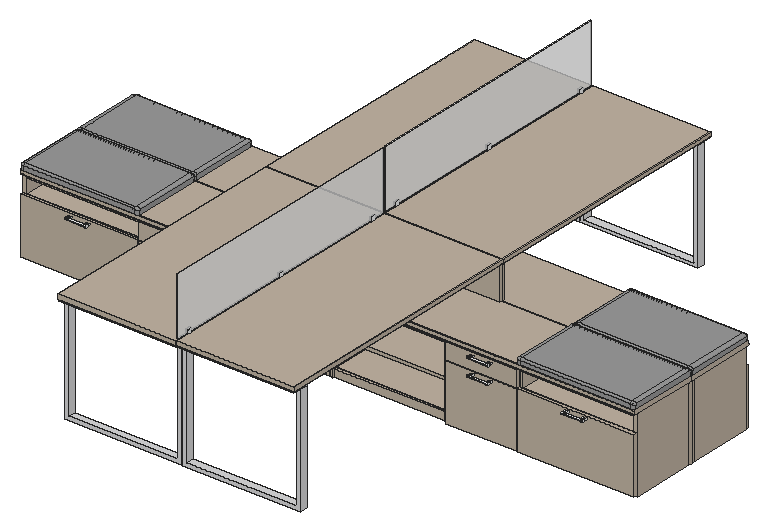
Revit family "JSI-Vision-Typical_Laminate-VST108", category Furniture, Revit 2020 (continued)
Definition of nested family "JSI-Vision-Metal_Rectangular_Base"
  Forms (in)
    Revolve 3, solid, material <- "Glide Finish"
      sketch origin (0, 0, 0) x (0, 1, 0) y (0, 0, 1)
        loop
          line (-1.69761, 0.05748) -> (-1.67738, 0.25) -> (-1.90202, 0.25) -> (-1.90202, 0.75) -> (-2, 0.75)
        axis (-2, 0.75) -> (-2, 0)
      angle from 0 to 360
    Revolve 4, solid, material <- "Glide Finish"
      sketch origin (0, 0, 0) x (0, 1, 0) y (0, 0, 1)
        loop
          line (-27.8125, 0.75) -> (-27.8125, 0) -> (-27.57395, 0)
          arc (-27.57395, 0) -> (-27.531, 0.01649) -> (-27.51011, 0.05748) r 0.06418
          line (-27.51011, 0.05748) -> (-27.48988, 0.25) -> (-27.71452, 0.25) -> (-27.71452, 0.75) -> (-27.8125, 0.75)
        axis (-27.8125, 0.75) -> (-27.8125, 0)
      angle from 0 to 360
  Lines and regions (in)
    symbolic lines
      curve 1: line (-3, 0, 0) -> (-3, -29.8125, 0)
      curve 2: line (-3, -29.8125, 0) -> (1, -29.8125, 0)
      curve 3: line (1, -29.8125, 0) -> (1, 0, 0)
      curve 4: line (1, 0, 0) -> (-3, 0, 0)
      curve 5: line (-1, 0, 0) -> (-1, -29.8125, 0)
  Dimensions and locks (in)
    equal spacing: plane 7, plane 3 "Center Left/Right", plane 9, locked at 1 each
    "Width": plane 1 "Center Front/Back" to plane 8
    "Height": plane 5 to plane 4
    locked: plane 10 to plane 5 at 0.25
    locked: Sweep 1 sketch curve to plane 4 at 0.25
    locked: plane 8 to Sweep 1 sketch curve at 1
    locked: plane 1 "Center Front/Back" to plane 11 at 2
    locked: plane 12 to plane 8 at 2
    Revolve 3 sketch curve to Revolve 3 sketch curve to Revolve 3 sketch curve to plane 4 = 1/2" locked, 0.18582" locked, 0.06418" locked
    plane 11 to Revolve 3 sketch curve to Revolve 3 sketch curve to Revolve 3 sketch curve = 0.09798" locked, 0.14057" locked, 0.08407" locked
    Revolve 4 sketch curve to Revolve 4 sketch curve to Revolve 4 sketch curve = 1/2" locked, 0.18582" locked
    Revolve 4 sketch curve to Revolve 4 sketch curve to Revolve 4 sketch curve to Revolve 4 sketch curve = 0.09798" locked, 0.14057" locked, 0.08407" locked
    "Depth": plane 7 to plane 9
    locked: plane 6 to plane 7 at 2
    aligned and locked: level to plane 2
    aligned and locked: plane 10 to Sweep 1 sketch curve  (x2)
    aligned and locked: plane 9 to Sweep 1 sketch curve
    aligned and locked: plane 8 to Sweep 1 sketch curve
    aligned and locked: Extrusion 2 sketch curve to plane 1 "Center Front/Back"
    aligned and locked: Extrusion 2 sketch curve to plane 8
    aligned and locked: Extrusion 2 sketch curve to plane 9
    aligned and locked: Revolve 3 sketch curve to plane 11
    aligned and locked: plane 11 to Revolve 3 sketch curve
    aligned and locked: plane 12 to Revolve 4 sketch curve  (x2)
    aligned and locked: plane 3 "Center Left/Right" to Revolve 3
    aligned and locked: plane 3 "Center Left/Right" to Revolve 4
    aligned and locked: Sweep 1 sketch curve to plane 7
    aligned and locked: plane 6 to Extrusion 2
    aligned and locked: Extrusion 2 to plane 9
    aligned and locked: curve 1 to Extrusion 2
    aligned and locked: curve 2 to Extrusion 2
    aligned and locked: curve 3 to Extrusion 2
    aligned and locked: curve 4 to Extrusion 2
    aligned and locked: curve 5 to Sweep 1
  Automatic sketch dimensions
    Sweep 1 sketch curve to plane 8 = 0"
    Sweep 1 sketch curve to plane 1 "Center Front/Back" = 0"
    Extrusion 2 sketch curve to plane 8 = 0"
    Revolve 3 sketch curve to level = 0"
    level to Revolve 3 sketch curve = 0.05748"
    Revolve 3 sketch curve to level = 0.22225"
    Revolve 3 sketch curve to Revolve 3 sketch curve = 0.09538"
    Revolve 4 sketch curve to level = 0"
    level to Revolve 4 sketch curve = 0.05748"
    Revolve 4 sketch curve to Revolve 4 sketch curve = 0.06383"
    Revolve 4 sketch curve to level = 0.22225"
    Revolve 4 sketch curve to Revolve 4 sketch curve = 0.09538"
    plane 7 to Extrusion 2 sketch curve = 2"
Definition of nested family "JSI-Vision-Support_Rail_Work_Surface"
  Parameters (values of type "GP0243SB, Metal Support Rail for Work Surface  2W 43 L 3/4H")
    Width = 43"
    URL = "www.jsifurniture.com"
    Type Comments = ""
    Series = "Vision Casegoods"  # constant formula
    Support Finish = none
    Model = "GP0243SB"
    Material = ""
    Manufacturer = "JSI"  # constant formula
    Keynote = "12500"  # constant formula
    JSI Enviromental Website = "http://www.jsifurniture.com/jsi_sustainability_intro.php"
    Height = 25/32"
    Description = "Metal Support Rail for Work Surface  2W 43 L 3/4H"
    Depth = 2"
    Default Elevation = 0"
    Assembly Code = "E2020200"
  Types (3): name | Width | Model | Description
    GP0243SB, Metal Support Rail for Work Surface  2W 43 L 3/4H | 43" | "GP0243SB" | "Metal Support Rail for Work Surface  2W 43 L 3/4H"
    GP0249SB, Metal Support Rail for Work Surface  2W49 L 3/4H | 49" | "GP0249SB" | "Metal Support Rail for Work Surface  2W49 L 3/4H"
    GP0255SB, Metal Support Rail for Work Surface  2W 55 L 3/4H | 55" | "GP0255SB" | "Metal Support Rail for Work Surface  2W 55 L 3/4H"
  Reference planes (in)
    plane 1 "Center Front/Back": y = 0
    plane 2: z = 0
    plane 3 "Center Left/Right": x = 0
    plane 4: z = 0
    plane 5: z = 27.81222
    plane 6: x = 43
    plane 7: y = -2
  Forms (in)
    Extrusion 1, solid, material <- "Support Finish"
      sketch origin (0, 0, 0) x (0, 1, 0) y (0, 0, 1)
        loop
          line (0, 27.74972) -> (0, 27.81222) -> (-0.53345, 27.81222) -> (-1, 27.11239) -> (-1.46655, 27.81222) -> (-2, 27.81222) -> (-2, 27.74972) -> (-1.5, 27.74972) -> (-1.04048, 27.06043)
          arc (-1.04048, 27.06043) -> (-1, 27.03877) -> (-0.95952, 27.06043) r 0.04865
          line (-0.95952, 27.06043) -> (-0.5, 27.74972) -> (0, 27.74972)
      from 0 to 43
  Lines and regions (in)
    symbolic lines
      curve 1: line (0, 0, 0) -> (43, 0, 0)
      curve 2: line (0, -2, 0) -> (0, 0, 0)
      curve 3: line (43, -2, 0) -> (0, -2, 0)
      curve 4: line (43, 0, 0) -> (43, -2, 0)
      curve 5: line (0, -1.46655, 0) -> (43, -1.46655, 0)
      curve 6: line (43, -0.53345, 0) -> (0, -0.53345, 0)
      curve 7: line (0, -1, 0) -> (43, -1, 0)
  Dimensions and locks (in)
    "Width": plane 3 "Center Left/Right" to plane 6
    "Depth": plane 1 "Center Front/Back" to plane 7
    aligned and locked: level to plane 2
    aligned and locked: plane 4 to plane 2
    aligned and locked: Extrusion 1 to plane 3 "Center Left/Right"
    aligned and locked: plane 6 to Extrusion 1
    aligned and locked: plane 3 "Center Left/Right" to curve 2
    aligned and locked: curve 4 to plane 6
    aligned and locked: plane 1 "Center Front/Back" to curve 1
    aligned and locked: plane 7 to curve 3
    aligned and locked: curve 5 to Extrusion 1
    aligned and locked: curve 6 to Extrusion 1
    aligned and locked: curve 7 to Extrusion 1
  Automatic sketch dimensions
    Extrusion 1 sketch curve to plane 7 = 0"
    Extrusion 1 sketch curve to plane 5 = 0"  (x2)
    Extrusion 1 sketch curve to plane 1 "Center Front/Back" = 0"
    Extrusion 1 sketch curve to plane 5 = 1/16"  (x2)
    Extrusion 1 sketch curve to Extrusion 1 sketch curve = 1/2"
    Extrusion 1 sketch curve to Extrusion 1 sketch curve = 0.03345"  (x2)
    Extrusion 1 sketch curve to Extrusion 1 sketch curve = 0.45952"
    Extrusion 1 sketch curve to Extrusion 1 sketch curve = 0.04048"  (x2)
    Extrusion 1 sketch curve to Extrusion 1 sketch curve = 0"
    Extrusion 1 sketch curve to Extrusion 1 sketch curve = 0.53345"
    Extrusion 1 sketch curve to plane 5 = 0.69983"
    Extrusion 1 sketch curve to Extrusion 1 sketch curve = 0.02498"
    Extrusion 1 sketch curve to Extrusion 1 sketch curve = 0.02698"
